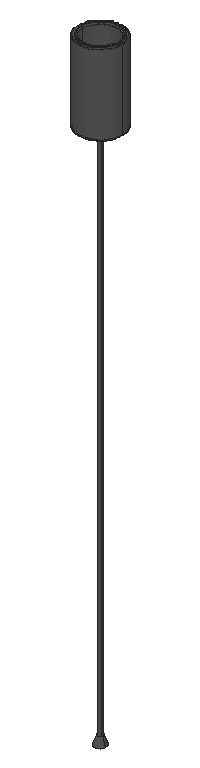
Revit family "CARLO CYLINDER LIGHT Pendant_ Surface", category Lighting Fixtures, host Face, Revit 2020 (continued)
Types (13): name | Wattage_Input | Wattage Comments | Wattage | built-in parameter 1150134 | Size 08 | Size 04 | Photometric Web File | built-in parameter 1150142 | Model | built-in parameter 1150105 | Lumens | built-in parameter 1150107 | built-in parameter 1150106 | Fixture Height | Fixture Diameter | BEAMING ANGLE | Apparent Load
    .62 134.73 135.81 136.9 138.02 139.15 140.43 142.04 \r\n 143.93 146.1 148.58 151.33 154.55 158.39 162.94 168.19 174.52 182.09 \r\n 191.53 203.76 218 233.63 251.19 270.58 293.04 320.13 350.71 384.22 \r\n 420.52 459.4 500.56 543.54 588.61 636.22 685.4 735.53 786.13 836.57 \r\n 886.6 935.79 984.04 1031.2 1076.9 1120.5 1162.2 1203.1 1240.9 1273.1 \r\n 1302.1 1329.7 1355.3 1378.8 1400.1 1419.2 1434.9 1446.5 1453.5 1455.2 \r\n 1452.3 \r\n1448.4 1454.2 1453.1 1445 1432 1416.6 1398 1375.8 1351.8 1328.5 \r\n 1304.1 1278.4 1249.8 1216.8 1180 1139.5 1095.5 1048.2 998.37 946.79 \r\n 894.39 842.27 790.61 739.86 690.3 642.65 596.1 549.54 504.62 462.82 \r\n 423.55 386.4 352.29 321.93 295.51 274.24 255.66 236.96 220.33 207.5 \r\n 196.93 187.6 179.62 172.85 167.07 162.05 157.72 153.97 150.74 147.94 \r\n 145.52 143.37 141.5 139.91 138.53 137.36 136.28 135.1 133.97 132.98 \r\n 132.05 131.14 130.25 129.33 128.45 127.68 126.91 126.03 125.04 124.12 \r\n 122.68 120.18 116.69 111.97 106.44 100.51 94.036 86.894 79.396 71.763 \r\n 64.137 56.74 49.553 42.598 35.977 29.655 24.069 19.69 16.384 14.401 \r\n 13.069 11.768 10.583 9.3599 8.1845 7.0429 6.0755 5.4692 5.0711 4.8157 \r\n 4.6274 4.3864 4.1596 3.9862 3.8306 3.6662 3.5049 3.3471 3.2002 3.0801 \r\n 2.9618 2.822 2.6709 2.5026 2.3419 2.2259 2.1123 1.9608 1.8028 1.6564 \r\n 1.5214 1.4144 1.3035 1.1457 0.99093 0.88673 0.79701 0.69712 0.60028 0.50806 \r\n 0.43071 0.38517 0.35296 0.31886 0.29002 0.26994 0.25438 0.23985 0.22763 0.21997 \r\n 0.21198 0.19714 0.18262 0.17512 0.1695 0.16254 0.15524 0.14723 0.13945 0.1332 \r\n 0.12692 0.11902 0.11095 0.10353 0.097218 0.093398 0.090187 0.086618 0.081328 0.071593 \r\n 0.060528 0.050522 0.041032 0.031776 0.024357 0.021361 0.019549 0.015931 0.012348 0.0098939 \r\n 0.0078074 0.0056112 0.0035435 0.0015226 0.000031 0 0 0 0 0 \r\n 0 0 0 0 0 0 0 0 0 0.0070707 \r\n 0.014039 0.013914 0.013216 0.017143 0.022675 0.028475 0.034696 0.040348 0.047515 0.059551 \r\n 0.071656 0.079084 0.085027 0.091507 0.097293 0.10094 0.10512 0.1131 0.12158 0.12763 \r\n 0.1334 0.14011 0.14767 0.15678 0.16615 0.17487 0.18242 0.18622 0.19157 0.20545 \r\n 0.22021 0.2283 0.23636 0.24942 0.26486 0.28099 0.3001 0.32582 0.3593 0.40042 \r\n 0.45662 0.54263 0.63652 0.71482 0.79687 0.89403 1.0068 1.1492 1.2919 1.3943 \r\n 1.5038 1.6706 1.8455 1.9899 2.1232 2.2477 2.3768 2.5341 2.6912 2.8201 \r\n 2.9427 3.0719 3.206 3.3497 3.4972 3.6396 3.7907 3.9635 4.1527 4.3559 \r\n 4.578 4.8061 5.0921 5.4701 5.981 6.7112 7.5581 8.4405 9.3807 10.287 \r\n 11.42 12.792 15.05 19.054 24.185 30.232 36.832 43.51 50.389 57.459 \r\n 64.644 71.916 79.113 86.056 92.757 99.244 105.29 110.87 115.4 117.94 \r\n 119.55 121 122.26 123.64 124.93 125.98 126.97 128.08 129.22 130.32 \r\n 131.45 132.66 133.86 134.94 136.01 137.14 138.31 139.46 140.76 142.41 \r\n 144.34 146.55 149.09 151.93 155.25 159.15 163.76 169.12 175.57 183.14 \r\n 192.92 206.61 222.35 238.59 256.13 274.49 295.9 323.06 354.05 387.86 \r\n 424.51 463.8 505.36 548.72 594.03 641.5 690.58 741.07 792.07 842.71 \r\n 892.75 941.63 989.49 1036.5 1082 1125.6 1167.3 1207.2 1244 1275.9 \r\n 1304.9 1332.6 1358.3 1381.6 1402.6 1421.7 1437.3 1448.2 1454.4 1455.6 \r\n 1452.3 \r\n1448.4 1454.9 1454.1 1446.3 1433.7 1418.2 1399.5 1377.4 1353.7 1330.5 \r\n 1306.2 1279.9 1250.8 1217.7 1180.9 1140.5 1096.7 1049.2 999.23 947.82 \r\n 895.58 843.32 791.48 740.77 691.21 643.18 596.31 549.96 505.26 463.1 \r\n 423.47 386.48 352.59 322.23 295.53 273.3 253.94 235.72 219.78 207.07 \r\n 196.47 187.15 179.19 172.5 166.8 161.79 157.46 153.74 150.53 147.74 \r\n 145.31 143.14 141.24 139.63 138.24 137.04 135.93 134.75 133.62 132.62 \r\n 131.68 130.79 129.92 129.02 128.16 127.43 126.7 125.86 124.91 123.99 \r\n 122.56 120.08 116.65 112.11 106.75 100.79 94.275 87.306 79.986 72.385 \r\n 64.699 57.11 49.734 42.759 36.15 29.773 24.119 19.668 16.313 14.345 \r\n 13.05 11.779 10.615 9.393 8.2137 7.0831 6.1218 5.4961 5.0749 4.8111 \r\n 4.6192 4.3752 4.1479 3.9773 3.8247 3.6589 3.4965 3.3424 3.1997 3.0806 \r\n 2.962 2.8203 2.6689 2.5079 2.3539 2.2352 2.1162 1.9601 1.7998 1.6581 \r\n 1.5284 1.42 1.307 1.1504 0.99813 0.89777 0.81143 0.71188 0.61462 0.52294 \r\n 0.44619 0.40113 0.3689 0.33354 0.30313 0.28179 0.26544 0.25132 0.23964 0.23201 \r\n 0.22395 0.20923 0.19471 0.18666 0.1806 0.17419 0.16734 0.15818 0.1496 0.14527 \r\n 0.14092 0.13226 0.12306 0.11607 0.11019 0.10563 0.10119 0.095988 0.089325 0.079278 \r\n 0.068653 0.060155 0.052168 0.043207 0.035573 0.032176 0.029699 0.025178 0.020452 0.016573 \r\n 0.012928 0.009116 0.005556 0.0023446 0.000049 0 0 0 0 0 \r\n 0 0 0 0 0 0 0 0 0.000000 0.0040076 \r\n 0.0079015 0.0076033 0.0069922 0.0087737 0.01239 0.018938 0.02616 0.030668 0.036952 0.050712 \r\n 0.06493 0.073265 0.079399 0.08512 0.089767 0.092333 0.095644 0.10344 0.11198 0.11811 \r\n 0.12385 0.13 0.13708 0.14659 0.15647 0.16528 0.1727 0.17591 0.18091 0.19578 \r\n 0.2114 0.21854 0.22565 0.23938 0.25597 0.27322 0.2932 0.31731 0.34938 0.39235 \r\n 0.45027 0.53458 0.62596 0.70168 0.7834 0.88765 1.007 1.1465 1.2853 1.3889 \r\n 1.5022 1.6769 1.8575 1.9959 2.1226 2.2509 2.3849 2.5419 2.6958 2.8174 \r\n 2.9334 3.0638 3.1995 3.3395 3.4795 3.6082 3.7462 3.913 4.0993 4.302 \r\n 4.5213 4.746 5.0074 5.3135 5.7236 6.3263 7.0417 7.8096 8.6593 9.515 \r\n 10.632 12.02 14.336 18.462 23.727 29.856 36.535 43.328 50.325 57.477 \r\n 64.762 72.224 79.618 86.701 93.509 100.09 106.16 111.58 115.92 118.43 \r\n 120.05 121.46 122.66 123.98 125.22 126.24 127.23 128.34 129.48 130.59 \r\n 131.72 132.9 134.07 135.12 136.18 137.34 138.55 139.73 141.07 142.75 \r\n 144.72 146.98 149.57 152.51 155.93 159.89 164.56 170.02 176.61 184.16 \r\n 194.24 209.29 226.45 243.34 260.92 278.26 298.62 325.82 357.19 391.31 \r\n 428.3 468 509.97 553.73 599.3 646.62 695.55 746.39 797.83 848.68 \r\n 898.77 947.4 994.94 1041.8 1087.2 1131 1172.5 1211.4 1247.1 1278.7 \r\n 1307.7 1335.5 1361.1 1384.3 1405.1 1424.2 1439.7 1449.9 1455.3 1455.8 \r\n 1452.3 \r\n1448.4 1455.5 1454.9 1447.5 1435.2 1419.6 1400.7 1378.7 1355.1 1332 \r\n 1307.6 1280.8 1251.1 1217.9 1181.2 1140.8 1097 1049.3 999.29 948.08 \r\n 896.04 843.69 791.72 741.05 691.48 643.1 595.94 549.82 505.35 462.9 \r\n 422.96 386.17 352.51 322.19 295.27 272.11 252 234.28 219.06 206.47 \r\n 195.85 186.57 178.66 172.05 166.42 161.44 157.13 153.44 150.27 147.49 \r\n 145.05 142.86 140.95 139.33 137.93 136.7 135.56 134.39 133.27 132.24 \r\n 131.29 130.42 129.58 128.7 127.86 127.16 126.45 125.65 124.73 123.81 \r\n 122.38 119.9 116.51 112.13 106.91 100.9 94.34 87.527 80.372 72.806 \r\n 65.074 57.318 49.778 42.792 36.198 29.762 24.039 19.539 16.16 14.22 \r\n 12.968 11.728 10.588 9.3703 8.1945 7.0896 6.1492 5.5118 5.0716 4.8003 \r\n 4.6045 4.3588 4.1319 3.9645 3.815 3.6488 3.4862 3.3361 3.1974 3.0793 \r\n 2.9603 2.8168 2.6651 2.511 2.3631 2.2417 2.1176 1.9576 1.7956 1.6588 \r\n 1.5341 1.424 1.3084 1.153 1.0032 0.90623 0.82289 0.72377 0.62641 0.53588 \r\n 0.46029 0.41562 0.38326 0.34708 0.31558 0.29313 0.27604 0.26241 0.25131 0.24359 \r\n 0.2354 0.2211 0.20687 0.19818 0.1915 0.18556 0.17911 0.16899 0.15975 0.15704 \r\n 0.15434 0.14509 0.13497 0.12832 0.1227 0.11734 0.11167 0.10488 0.096927 0.086707 \r\n 0.076644 0.069657 0.063174 0.054659 0.046919 0.04297 0.039656 0.03428 0.02849 0.023166 \r\n 0.017919 0.012442 0.0073723 0.0030635 0.000065 0 0 0 0 0 \r\n 0 0 0 0 0 0 0 0 0 0.0011787 \r\n 0.0022984 0.0021057 0.0018264 0.0016456 0.0034311 0.010605 0.01869 0.022159 0.027583 0.042614 \r\n 0.058486 0.067683 0.074109 0.079174 0.082842 0.084611 0.087298 0.094869 0.10338 0.10961 \r\n 0.11536 0.12104 0.1277 0.13741 0.14759 0.1564 0.16372 0.16671 0.17164 0.18716 \r\n 0.20327 0.20964 0.216 0.23013 0.24756 0.26587 0.28673 0.30937 0.34002 0.38432 \r\n 0.44328 0.52528 0.61386 0.68781 0.76984 0.88013 1.0051 1.1426 1.2785 1.3839 \r\n 1.5008 1.6813 1.8657 1.9986 2.1196 2.251 2.3892 2.5463 2.6979 2.8133 \r\n 2.9235 3.0548 3.1915 3.3277 3.4606 3.577 3.7028 3.8636 4.0466 4.2496 \r\n 4.4667 4.6866 4.9242 5.1658 5.4859 5.9734 6.5721 7.246 8.0238 8.8391 \r\n 9.9411 11.337 13.687 17.886 23.239 29.443 36.207 43.115 50.228 57.456 \r\n 64.835 72.478 80.066 87.299 94.224 100.9 106.99 112.23 116.4 118.92 \r\n 120.58 121.93 123.07 124.32 125.5 126.51 127.48 128.58 129.71 130.81 \r\n 131.92 133.07 134.21 135.23 136.28 137.46 138.71 139.92 141.3 143.01 \r\n 145.01 147.32 149.97 153 156.5 160.52 165.25 170.81 177.51 185.05 \r\n 195.36 211.5 229.8 247.25 264.9 281.41 300.89 328.11 359.79 394.17 \r\n 431.49 471.54 513.88 558.01 603.85 651 699.77 750.93 802.76 853.84 \r\n 904.03 952.51 999.85 1046.6 1092 1135.9 1177.4 1215.3 1250.1 1281.3 \r\n 1310.2 1337.9 1363.5 1386.6 1407.3 1426.3 1441.7 1451.3 1456 1456 \r\n 1452.3 \r\n1448.4 1456 1455.6 1448.6 1436.6 1421 1402 1380 1356.3 1333.1 \r\n 1308.5 1281.4 1251.4 1218 1181.3 1140.8 1097 1049.3 999.33 948.33 \r\n 896.48 844.13 792.07 741.34 691.67 643.08 595.75 549.77 505.44 462.83 \r\n 422.74 386.03 352.5 322.2 295.12 271.32 250.68 233.26 218.5 205.95 \r\n 195.28 186.04 178.19 171.63 166.04 161.09 156.8 153.15 150 147.23 \r\n 144.79 142.6 140.68 139.07 137.66 136.42 135.27 134.11 132.99 131.95 \r\n 130.98 130.12 129.31 128.45 127.63 126.93 126.23 125.44 124.53 123.64 \r\n 122.24 119.77 116.42 112.19 107.11 101.08 94.488 87.751 80.68 73.139 \r\n 65.391 57.555 49.925 42.907 36.282 29.755 23.947 19.427 16.056 14.137 \r\n 12.911 11.691 10.564 9.3437 8.1662 7.0846 6.1653 5.5203 5.0659 4.7895 \r\n 4.5912 4.3441 4.1171 3.9506 3.8024 3.6367 3.475 3.3278 3.1919 3.0745 \r\n 2.9555 2.8117 2.6604 2.5095 2.3643 2.2413 2.1149 1.9537 1.7918 1.6581 \r\n 1.5362 1.4249 1.3074 1.1518 1.0028 0.90781 0.82647 0.7278 0.63076 0.54171 \r\n 0.46754 0.42332 0.39102 0.35485 0.32319 0.30021 0.28273 0.26958 0.25898 0.25104 \r\n 0.24265 0.22906 0.21542 0.2061 0.19867 0.1928 0.18655 0.17612 0.16669 0.16463 \r\n 0.16258 0.15319 0.14279 0.13627 0.13064 0.12457 0.11798 0.11025 0.10164 0.091463 \r\n 0.081889 0.07589 0.070391 0.062339 0.054633 0.050037 0.045893 0.040081 0.033754 0.027356 \r\n 0.020898 0.014298 0.0082792 0.0033925 0.000074 0 0 0 0 0 \r\n 0 0 0 0 0 0 0.000003 0.00013774 0.00024197 0.000087 \r\n 0 0.00039656 0.00078766 0 0.00050212 0.0081232 0.016772 0.019794 0.024709 0.039888 \r\n 0.056118 0.065764 0.072475 0.077192 0.080412 0.082104 0.084796 0.092284 0.10073 0.107 \r\n 0.11278 0.11833 0.12482 0.1344 0.14448 0.1532 0.16056 0.16404 0.16943 0.18484 \r\n 0.20068 0.20681 0.21297 0.22701 0.24452 0.26332 0.28467 0.30675 0.33667 0.38103 \r\n 0.43966 0.51937 0.60583 0.68026 0.76281 0.87421 1.0003 1.1381 1.2745 1.3821 \r\n 1.5008 1.6812 1.8645 1.995 2.1139 2.246 2.3855 2.5431 2.6945 2.808 \r\n 2.9163 3.0469 3.1827 3.3166 3.4461 3.557 3.6772 3.8341 4.0149 4.22 \r\n 4.4379 4.6534 4.8791 5.0966 5.383 5.8216 6.3751 7.029 7.7983 8.6123 \r\n 9.7145 11.105 13.444 17.606 22.941 29.199 36.044 43.04 50.24 57.523 \r\n 64.963 72.712 80.414 87.754 94.765 101.5 107.57 112.67 116.69 119.27 \r\n 120.99 122.3 123.36 124.55 125.68 126.66 127.62 128.69 129.78 130.84 \r\n 131.92 133.05 134.17 135.19 136.23 137.42 138.68 139.93 141.34 143.07 \r\n 145.1 147.44 150.14 153.23 156.79 160.85 165.62 171.26 178.02 185.55 \r\n 195.91 212.37 231.02 248.65 266.35 282.65 301.9 329.12 360.9 395.43 \r\n 432.92 473.16 515.7 560.1 606.12 653.15 701.8 753.13 805.2 856.48 \r\n 906.84 955.41 1002.8 1049.6 1095.1 1139.2 1180.6 1217.9 1251.9 1282.9 \r\n 1311.5 1339.1 1364.7 1387.9 1408.7 1427.7 1443 1452.3 1456.6 1456.3 \r\n 1452.3 \r\n1448.4 1456.4 1456.1 1449.6 1438 1422.5 1403.4 1381.2 1357.3 1333.8 \r\n 1308.9 1281.7 1251.7 1218.2 1181.3 1140.8 1096.8 1049.3 999.5 948.71 \r\n 897.04 844.76 792.68 741.76 691.89 643.23 595.88 549.92 505.63 463.03 \r\n 422.92 386.19 352.62 322.31 295.16 271.05 250.12 232.78 218.16 205.55 \r\n 194.81 185.62 177.82 171.26 165.68 160.75 156.49 152.86 149.74 146.97 \r\n 144.54 142.36 140.46 138.85 137.44 136.21 135.07 133.92 132.81 131.74 \r\n 130.75 129.91 129.12 128.29 127.48 126.76 126.04 125.23 124.33 123.49 \r\n 122.15 119.71 116.41 112.31 107.36 101.36 94.769 88.017 80.931 73.404 \r\n 65.675 57.856 50.221 43.145 36.431 29.776 23.866 19.356 16.026 14.116 \r\n 12.894 11.681 10.557 9.3233 8.1365 7.0724 6.1716 5.5222 5.0587 4.7798 \r\n 4.5805 4.3325 4.1045 3.9362 3.7871 3.6229 3.4633 3.3175 3.1828 3.0657 \r\n 2.9472 2.805 2.6549 2.503 2.3566 2.2334 2.1077 1.9485 1.7887 1.6559 \r\n 1.5342 1.4225 1.3041 1.1468 0.99634 0.9017 0.82123 0.72305 0.62677 0.53943 \r\n 0.46693 0.42321 0.39122 0.35599 0.32518 0.30232 0.28486 0.27217 0.26198 0.25365 \r\n 0.24502 0.23244 0.21969 0.20976 0.20143 0.19522 0.1889 0.1789 0.16983 0.16731 \r\n 0.16479 0.15575 0.14577 0.13918 0.13324 0.12658 0.11943 0.11155 0.103 0.093092 \r\n 0.083896 0.078266 0.073134 0.065539 0.058007 0.052685 0.047751 0.041992 0.035737 0.028709 \r\n 0.021511 0.014442 0.008143 0.0032778 0.000074 0 0 0 0 0 \r\n 0 0 0 0 0 0 0.000010 0.00044829 0.00089028 0.00074716 \r\n 0.00093376 0.0026932 0.0044514 0.0036406 0.0044852 0.012363 0.021247 0.024508 0.029326 0.043401 \r\n 0.058539 0.06815 0.07512 0.079838 0.083209 0.085624 0.089021 0.096601 0.10496 0.11121 \r\n 0.11702 0.12282 0.12944 0.13853 0.14808 0.1566 0.16417 0.16893 0.17533 0.18981 \r\n 0.20454 0.21101 0.2176 0.23099 0.24775 0.2664 0.28778 0.31008 0.3398 0.38264 \r\n 0.43924 0.51655 0.60142 0.67744 0.76139 0.86926 0.99232 1.1332 1.2737 1.3838 \r\n 1.5025 1.6763 1.8532 1.9846 2.1056 2.2356 2.3731 2.5315 2.6849 2.8016 \r\n 2.9121 3.0406 3.1736 3.3068 3.4368 3.5501 3.6724 3.8279 4.0079 4.2171 \r\n 4.4393 4.6511 4.8787 5.1189 5.4363 5.9026 6.4931 7.2108 8.0436 8.9009 \r\n 10.02 11.393 13.67 17.675 22.875 29.159 36.081 43.135 50.385 57.702 \r\n 65.166 72.93 80.653 88.048 95.104 101.84 107.88 112.84 116.77 119.44 \r\n 121.28 122.53 123.5 124.63 125.72 126.68 127.62 128.64 129.67 130.68 \r\n 131.71 132.83 133.95 134.96 136.01 137.18 138.44 139.72 141.17 142.92 \r\n 144.96 147.32 150.05 153.16 156.74 160.83 165.64 171.31 178.1 185.62 \r\n 195.83 211.76 229.86 247.23 264.92 281.73 301.51 328.71 360.35 394.87 \r\n 432.39 472.62 515.18 559.7 605.82 652.78 701.35 752.69 804.84 856.29 \r\n 906.88 955.8 1003.6 1050.6 1096.3 1140.5 1181.9 1219 1252.6 1283.2 \r\n 1311.5 1338.9 1364.4 1388 1409.2 1428.3 1443.4 1452.7 1456.9 1456.5 \r\n 1452.3 \r\n1448.4 1456.7 1456.6 1450.4 1439.3 1423.9 1404.8 1382.3 1358 1334 \r\n 1308.8 1281.5 1251.6 1218.1 1181 1140.2 1096.1 1048.8 999.3 948.75 \r\n 897.28 845.12 793.07 741.91 691.79 643.14 595.85 549.87 505.57 463.08 \r\n 423.07 386.28 352.62 322.31 295.14 270.89 249.82 232.46 217.83 205.12 \r\n 194.3 185.16 177.45 170.88 165.27 160.36 156.14 152.55 149.45 146.68 \r\n 144.26 142.11 140.24 138.64 137.24 136.02 134.89 133.76 132.66 131.57 \r\n 130.55 129.72 128.96 128.16 127.36 126.61 125.84 125 124.1 123.32 \r\n 122.05 119.64 116.38 112.4 107.56 101.61 95.02 88.201 81.049 73.532 \r\n 65.844 58.103 50.516 43.374 36.545 29.743 23.721 19.248 15.988 14.089 \r\n 12.863 11.651 10.525 9.2763 8.0805 7.0389 6.1633 5.5152 5.0469 4.7674 \r\n 4.5678 4.3194 4.0907 3.9196 3.7684 3.6067 3.4503 3.3055 3.171 3.0542 \r\n 2.9364 2.7967 2.6482 2.493 2.343 2.2204 2.097 1.9417 1.7853 1.6524 \r\n 1.5296 1.4176 1.2984 1.1387 0.9859 0.8906 0.81026 0.71262 0.61748 0.5323 \r\n 0.46186 0.41864 0.38702 0.35338 0.32416 0.30181 0.28458 0.27238 0.26258 0.25374 \r\n 0.24479 0.23351 0.22196 0.21139 0.20201 0.19519 0.18868 0.17954 0.17116 0.16749 \r\n 0.16384 0.15547 0.14636 0.13954 0.13306 0.12584 0.11831 0.11065 0.10256 0.093107 \r\n 0.0843 0.078746 0.073688 0.066626 0.059394 0.053226 0.047432 0.041984 0.036131 0.028673 \r\n 0.020936 0.013682 0.0074094 0.0028986 0.000070 0 0 0 0 0 \r\n 0 0 0 0 0 0 0.000020 0.00074756 0.0017577 0.0025795 \r\n 0.0040414 0.007517 0.0109 0.011044 0.01244 0.020422 0.029312 0.033191 0.038119 0.05026 \r\n 0.063375 0.072699 0.07997 0.084906 0.088797 0.092466 0.097026 0.10476 0.11298 0.11918 \r\n 0.12503 0.13133 0.13825 0.14658 0.15528 0.1635 0.17139 0.17798 0.18581 0.1988 \r\n 0.2118 0.219 0.22642 0.23877 0.25422 0.27236 0.29355 0.31622 0.34563 0.38569 \r\n 0.43888 0.51308 0.59615 0.67467 0.76049 0.86313 0.9818 1.1275 1.2744 1.3874 \r\n 1.5051 1.6681 1.8349 1.9692 2.0947 2.2211 2.3545 2.5142 2.6711 2.794 \r\n 2.9091 3.0345 3.1634 3.2967 3.4294 3.5495 3.6782 3.8335 4.013 4.2278 \r\n 4.4562 4.6639 4.9004 5.1893 5.5741 6.1108 6.7848 7.6171 8.5571 9.4842 \r\n 10.63 11.974 14.152 17.917 22.903 29.198 36.198 43.293 50.577 57.912 \r\n 65.379 73.114 80.812 88.242 95.329 102.04 108.02 112.87 116.73 119.53 \r\n 121.51 122.71 123.58 124.65 125.69 126.6
